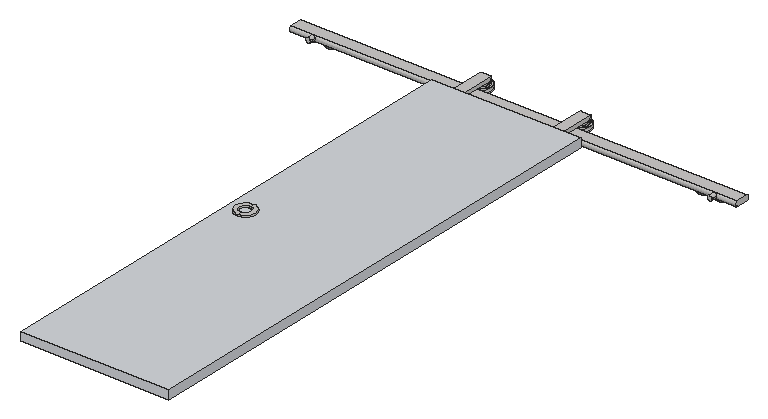
Revit family "Track-Sliding-Krown_Lab-Ragnar", category Doors, Revit 2012
Parameters (values of type "Stainless Steel, Brushed")
  z Type = 2
  z Trolley Material = Stainless Steel - Krown Lab - Brushed
  z Track Length [instance] = if(Track Length Desired > 156.000", 156.000", if(Track Length Desired > 144.000", 156.000", if(Track Length Desired > 132.000", 144.000", if(Track Length Desired > 120.000", 132.000", if(Track Length Desired > 108.000", 120.000", if(Track Length Desired > 96.000", 108.000", if(Track Length Desired > 84.000", 96.000", if(Track Length Desired > 72.000", 84.000", if(Track Length Desired > 60.000", 72.000", if(Track Length Desired > 48.000", 60.000", if(Track Length Desired < 48.000", 48.000", Track Length Desired)))))))))))  # 72.000"
  z Part Number [instance] = "Ragnar"  # constant formula
  z Part Description [instance] = if(z Type = 1, "Ragnar Black Stainless Steel Sliding Track For Custom Sized Panels", if(z Type = 2, "Ragnar Brushed Stainless Steel Sliding Track For Custom Sized Panels", "Not Available"))  # "Ragnar Brushed Stainless Steel Sliding Track For Custom Sized Panels"
  z Panel Offset [instance] = if(Trolley is Face Mount, if(Panel Depth Actual > 1.250", 2.250", 1.500"), if(Trolley is Top Mount, if((Panel Depth Actual / 2) + 0.500" > 1.500", (Panel Depth Actual / 2) + 0.250" + 2.250", (Panel Depth Actual / 2) + 0.250" + 1.500"), if(or(Trolley is Glass Mount, Trolley is Glass Mount on Glass Wall), if(Has Glass Panel Spacer, 1.000", 1.250"), Panel Depth Actual)))  # 2.4375"
  z Panel Location Desired [instance] = 108.000"
  z Panel Location [instance] = if(z Panel Location Desired + (Panel Width / 2) > z Track Length + 72.000", z Track Length - (Panel Width / 2) + 72.000", if(z Panel Location Desired - (Panel Width / 2) < 72.000", (Panel Width / 2) + 72.000", z Panel Location Desired))  # 108.000"
  z Has 1 Track Mount Spacer [instance] = 1 = 0  # no
  z Handle Material Rail = Stainless Steel - Krown Lab - Brushed
  z Handle Material = Stainless Steel - Krown Lab - Brushed
  z Error [instance] = if(not(if(Trolley is Top Mount, 1, 0) + if(Trolley is Glass Mount, 1, 0) + if(Trolley is Glass Mount on Glass Wall, 1, 0) + if(Trolley is Face Mount, 1, 0) = 1), 1 = 1, if(and(Has Glass Panel Spacer, not(or(Trolley is Glass Mount, Trolley is Glass Mount on Glass Wall))), 1 = 1, 1 = 0))  # no
  URL = "http://www.krownlab.com/"
  Type Comments = "To Modify the Panel, edit the nested Panel Family and reload into the Door"  # constant formula
  Trolley is Top Mount [instance] = yes
  Trolley is Glass Mount on Glass Wall [instance] = no
  Trolley is Glass Mount [instance] = no
  Trolley is Face Mount [instance] = no
  Track Length Desired [instance] = 72.000"
  Track Length [instance] = z Track Length  # 72.000"
  Product Page URL = "http://www.krownlab.com/ragnar"
  Product Material = Stainless Steel - Krown Lab - Brushed
  Product Documentation Link = "https://krownlab.com/products/hardware-systems/ragnar/#ragnar-top-mount#19"
  Part Number [instance] = if(z Error, Configuration, z Part Number)  # "Ragnar"
  Part Description [instance] = if(z Error, Configuration, z Part Description)  # "Ragnar Brushed Stainless Steel Sliding Track For Custom Sized Panels"
  Panel Width [instance] = 24.000"
  Panel Material [instance] = none
  Panel Height [instance] = 83.000"
  Panel Depth Desired [instance] = 1.375"
  Panel Depth Actual [instance] = if(not(z Error), if(Trolley is Top Mount, if(Panel Depth Desired > 4.500", 4.500", if(Panel Depth Desired < 1.375", 1.375", Panel Depth Desired)), if(Trolley is Face Mount, if(Panel Depth Desired > 2.000", 2.000", if(Panel Depth Desired < 0.750", 0.750", Panel Depth Desired)), if(or(Trolley is Glass Mount, Trolley is Glass Mount on Glass Wall), if(Panel Depth Desired > 0.750", 0.750", if(Panel Depth Desired < 0.375", 0.375", Panel Depth Desired)), 5.000"))), 3.000" / 4)  # 1.375"
  Original Creation Date = "9/2/15"  # constant formula
  Mounting Hardware [instance] = if(not(z Error), if(Trolley is Top Mount, "Top Mount", if(Trolley is Face Mount, "Face Mount", if(or(Trolley is Glass Mount, Trolley is Glass Mount on Glass Wall), "Glass Mount", "Not Available"))), "Not Available")  # "Top Mount"
  Model Disclaimer = "For More Information, Contact Krown Lab"  # constant formula
  Model = "See Part Number"  # constant formula
  Max Panel Weight [instance] = 400.00 lbf  # constant formula
  Manufacturer = "Krown Lab"  # constant formula
  Has Glass Panel Spacer [instance] = no
  Handle Material = Stainless Steel - Krown Lab - Brushed
  Handle [instance] = Handle : Ring Pull
  Family Version = "1.0"  # constant formula
  Equipment Number [instance] = ""
  Equipment Abbreviation = "DR"
  Description = "See Part Description"  # constant formula
  Date Last Modified = "9/2/15"  # constant formula
  Copyright = "Copyright © Krown Lab"  # constant formula
  Configuration [instance] = if(not(if(Trolley is Top Mount, 1, 0) + if(Trolley is Glass Mount, 1, 0) + if(Trolley is Glass Mount on Glass Wall, 1, 0) + if(Trolley is Face Mount, 1, 0) = 1), "Error: Select One Trolley Option", if(and(Has Glass Panel Spacer, not(or(Trolley is Glass Mount, Trolley is Glass Mount on Glass Wall))), "Error: The Glass Panel Spacer Is Only Available With The Glass Mount Trolley Configurations", "Available"))  # "Available"
Types (3): name | z Type | z Trolley Material | z Part Description | z Handle Material Rail | z Handle Material | Product Material | Part Description | Handle Material
  (no name) | 2 | Stainless Steel - Krown Lab - Brushed | "Ragnar Brushed Stainless Steel Sliding Track For Custom Sized Panels" | Stainless Steel - Krown Lab - Brushed | Stainless Steel - Krown Lab - Brushed | Stainless Steel - Krown Lab - Brushed | "Ragnar Brushed Stainless Steel Sliding Track For Custom Sized Panels" | Stainless Steel - Krown Lab - Brushed
  Stainless Steel, Brushed | 2 | Stainless Steel - Krown Lab - Brushed | "Ragnar Brushed Stainless Steel Sliding Track For Custom Sized Panels" | Stainless Steel - Krown Lab - Brushed | Stainless Steel - Krown Lab - Brushed | Stainless Steel - Krown Lab - Brushed | "Ragnar Brushed Stainless Steel Sliding Track For Custom Sized Panels" | Stainless Steel - Krown Lab - Brushed
  Stainless Steel, Black | 1 | Stainless Steel - Krown Lab - Black | "Ragnar Black Stainless Steel Sliding Track For Custom Sized Panels" | Stainless Steel - Krown Lab - Black | Stainless Steel - Krown Lab - Black | Stainless Steel - Krown Lab - Black | "Ragnar Black Stainless Steel Sliding Track For Custom Sized Panels" | Stainless Steel - Krown Lab - Black
Reference planes (in)
  plane 1 "Center (Front/Back)": y = 0
  plane 2: z = 0
  plane 3 "Center (Left/Right)": x = 0
  plane 4: x = -36
  plane 5: x = 36
  plane 6: x = 108
  plane 7: x = 0
  plane 8: y = -86.71875
  plane 9: y = -3.71875
  plane 10: y = -45.21875
  plane 11: y = -44.71875
  plane 12: x = -12
  plane 13: x = 12
  plane 14: x = -9.3
  plane 15: z = 1.0625
  plane 16: z = 2.4375
  plane 17: z = 1.75
Lines and regions (in)
  reference lines
    curve 1: line (0, 0, 0) -> (0, -86.71875, 0)
Text (in)
  text "To Modify the Panel, edit the nested Panel Family and reload into the Door" at (-131.64405, 24.70718, 0), in view "Ref. Level"
Dimensions and locks (in)
  equal spacing: plane 4, plane 3 "Center (Left/Right)", plane 5
  "z Track Length": plane 4 to plane 5
  locked: plane 5 to plane 6 at 72
  "z Panel Location Desired": curve 1 to plane 6
  "z Panel Location": plane 7 to plane 6
  "Panel Height": plane 9 to plane 8
  locked: plane 9 to plane 1 "Center (Front/Back)" at 3.71875
  locked: plane 11 to plane 8 at 42
  equal spacing: plane 12, plane 7, plane 13
  "Panel Width": plane 12 to plane 13
  locked: plane 12 to plane 14 at 2.7
  "Panel Depth Actual": plane 16 to plane 15
  "z Panel Offset": plane 16 to plane 2
  equal spacing: plane 9, plane 10, plane 8
  equal spacing: plane 16, plane 17, plane 15
  aligned and locked: plane 2 to level
  aligned: plane 4 to nested 1
  aligned: plane 5 to nested 1
  aligned and locked: plane 8 to curve 1
  aligned and locked: plane 4 to nested 1
  aligned and locked: plane 5 to nested 1
  aligned and locked: nested 2 to plane 10
  aligned and locked: plane 7 to nested 2
  aligned and locked: nested 3 to plane 11
  aligned and locked: plane 14 to nested 3
Automatic sketch dimensions
  plane 1 "Center (Front/Back)" to curve 1 = 0.000"
Nested families (in)
  nested 1: "Ragnar Track" at (-36, 0, 0), Panel Width <- "Panel Width", Panel Height <- "Panel Height", Panel Depth <- "Panel Depth Actual", Trolley is Top Mount <- "Trolley is Top Mount", Trolley is Glass Mount <- "Trolley is Glass Mount", Trolley is Face Mount <- "Trolley is Face Mount", z Panel Location Desired <- "z Panel Location Desired", z Trolly Material <- "z Trolley Material", Product Material <- "Product Material", Trolley is Glass Mount on Glass Wall <- "Trolley is Glass Mount on Glass Wall", z Glass Spacer Visible <- "Has Glass Panel Spacer", type "Standard"
    with z Trolly Material Stainless Steel - Krown Lab - Brushed, z Support 4 Visible no, z Support 4 Offset 0.000", z Support 3 Visible no, z Support 3 Offset 0.000", z Support 2 Visible yes, z Support 2 Offset 20.000", z Support 1 Offset 20.000", z Spacer Offset 0.250", z Side Mount Trolley no, z Side Mount Offset 0.500", z Panel Width 24.000", z Panel Offset From Mount 0.000", z Panel Location Desired 108.000", z Panel Location 108.000", z Panel Height 83.000", z Panel Depth 1.375", z Glass Spacer Visible no, z Glass Mount Trolley no, z Error no, Trolley is Top Mount yes, Trolley is Glass Mount on Glass Wall no, Trolley is Glass Mount no, Trolley is Face Mount no, Product Material Stainless Steel - Krown Lab - Brushed, Panel Width 24.000", Panel Height 83.000", Panel Depth 1.375", built-in parameter 1001306 6 (stored number, unit not read)
  nested 2: "Panel" at (0, -45.21875, 1.0625), Panel Width <- "Panel Width", Panel Thickness <- "Panel Depth Actual", Panel Height <- "Panel Height", Panel Material <- "Panel Material", type "Standard"
    with Panel Width 24.000", Panel Thickness 1.375", Panel Material none, Panel Height 83.000"
  nested 3: "Handle" at (-9.3, -44.71875, 1.75), Panel Thickness <- "Panel Depth Actual", Material <- "z Handle Material", type <- "Handle", Rail Material <- "z Handle Material Rail", type "Ring Pull", detail levels fine
    with Rail Material Stainless Steel - Krown Lab - Brushed, Panel Thickness 1.375", Material Stainless Steel - Krown Lab - Brushed, Handle Height 18.000"
Definition of nested family "Ragnar Track"
  Parameters (values of type "Standard")
    z Trolly Material [instance] = Stainless Steel - Krown Lab - Brushed
    z Support 4 Visible [instance] = [built-in parameter 1001306] > 120.000"  # no
    z Support 4 Offset [instance] = if([built-in parameter 1001306] = 48.000", 0.000", if([built-in parameter 1001306] = 60.000", 0.000", if([built-in parameter 1001306] = 72.000", 0.000", if([built-in parameter 1001306] = 84.000", 0.000", if([built-in parameter 1001306] = 96.000", 0.000", if([built-in parameter 1001306] = 108.000", 0.000", if([built-in parameter 1001306] = 120.000", 0.000", if([built-in parameter 1001306] = 132.000", 24.000", if([built-in parameter 1001306] = 144.000", 27.000", if([built-in parameter 1001306] = 156.000", 29.000", 0.000"))))))))))  # 0.000"
    z Support 3 Visible [instance] = [built-in parameter 1001306] > 96.000"  # no
    z Support 3 Offset [instance] = if([built-in parameter 1001306] = 48.000", 0.000", if([built-in parameter 1001306] = 60.000", 0.000", if([built-in parameter 1001306] = 72.000", 0.000", if([built-in parameter 1001306] = 84.000", 0.000", if([built-in parameter 1001306] = 96.000", 0.000", if([built-in parameter 1001306] = 108.000", 24.000", if([built-in parameter 1001306] = 120.000", 27.000", if([built-in parameter 1001306] = 132.000", 24.000", if([built-in parameter 1001306] = 144.000", 26.000", if([built-in parameter 1001306] = 156.000", 30.000", 0.000"))))))))))  # 0.000"
    z Support 2 Visible [instance] = [built-in parameter 1001306] > 60.000"  # yes
    z Support 2 Offset [instance] = if([built-in parameter 1001306] = 48.000", 0.000", if([built-in parameter 1001306] = 60.000", 0.000", if([built-in parameter 1001306] = 72.000", 20.000", if([built-in parameter 1001306] = 84.000", 24.000", if([built-in parameter 1001306] = 96.000", 28.000", if([built-in parameter 1001306] = 108.000", 24.000", if([built-in parameter 1001306] = 120.000", 27.000", if([built-in parameter 1001306] = 132.000", 24.000", if([built-in parameter 1001306] = 144.000", 27.000", if([built-in parameter 1001306] = 156.000", 29.000", 0.000"))))))))))  # 20.000"
    z Support 1 Offset [instance] = if([built-in parameter 1001306] = 48.000", 18.000", if([built-in parameter 1001306] = 60.000", 24.000", if([built-in parameter 1001306] = 72.000", 20.000", if([built-in parameter 1001306] = 84.000", 24.000", if([built-in parameter 1001306] = 96.000", 28.000", if([built-in parameter 1001306] = 108.000", 24.000", if([built-in parameter 1001306] = 120.000", 27.000", if([built-in parameter 1001306] = 132.000", 24.000", if([built-in parameter 1001306] = 144.000", 26.000", if([built-in parameter 1001306] = 156.000", 28.000", 0.000"))))))))))  # 20.000"
    z Spacer Offset [instance] = if(Trolley is Face Mount, if(z Panel Depth > 1.250", 1.000", 0.250"), if(Trolley is Top Mount, if((z Panel Depth / 2) + 0.500" > 1.500", 1.000", 0.250"), if(or(Trolley is Glass Mount, Trolley is Glass Mount on Glass Wall), 0.250", 5.000")))  # 0.250"
    z Side Mount Trolley [instance] = or(Trolley is Face Mount, Trolley is Glass Mount)  # no
    z Side Mount Offset [instance] = if(or(Trolley is Glass Mount, Trolley is Glass Mount on Glass Wall), 0.250", 0.500")  # 0.500"
    z Panel Width [instance] = if(Panel Width < 16.375", 16.375", Panel Width)  # 24.000"
    z Panel Offset From Mount [instance] = if(z Glass Spacer Visible, 0.250", 0.000")  # 0.000"
    z Panel Location Desired [instance] = 107.000"
    z Panel Location [instance] = if(z Panel Location Desired + (Panel Width / 2) > [built-in parameter 1001306] + 72.000", [built-in parameter 1001306] - (Panel Width / 2) + 72.000", if(z Panel Location Desired - (Panel Width / 2) < 72.000", (Panel Width / 2) + 72.000", z Panel Location Desired))  # 107.000"
    z Panel Height [instance] = if(Panel Height < 4.750", 4.750", Panel Height)  # 83.000"
    z Panel Depth [instance] = Panel Depth  # 1.375"
    z Glass Spacer Visible [instance] = no
    z Glass Mount Trolley [instance] = or(Trolley is Glass Mount, Trolley is Glass Mount on Glass Wall)  # no
    z Error [instance] = not(if(Trolley is Top Mount, 1, 0) + if(Trolley is Glass Mount, 1, 0) + if(Trolley is Face Mount, 1, 0) = 1)  # no
    URL = ""
    Type Comments = ""
    Trolley is Top Mount [instance] = yes
    Trolley is Glass Mount on Glass Wall [instance] = no
    Trolley is Glass Mount [instance] = no
    Trolley is Face Mount [instance] = no
    Product Material [instance] = Stainless Steel - Krown Lab - Brushed
    Panel Width [instance] = 24.000"
    Panel Height [instance] = 83.000"
    Panel Depth [instance] = 1.375"
    Model = ""
    Manufacturer = ""
    built-in parameter 1001306 [instance] = 72.000"
    Description = ""
    Assembly Code = ""
  Reference planes (in)
    plane 1 "Center (Front/Back)": y = 0
    plane 2: z = 0
    plane 3 "Left": x = 0
    plane 4 "Right": x = 72
    plane 5: z = 0.25
    plane 6: z = 0.65625
    plane 7: z = 1.0625
    plane 8: z = 2
    plane 9: x = 3
    plane 10: x = 67
    plane 11: y = -45.21875
    plane 12: y = -86.71875
    plane 13: y = -44.71875
    plane 14: y = 1.40625
    plane 15: y = -3.71875
    plane 16: y = -2.4375
    plane 17: y = -1.21875
    plane 18: x = 25
    plane 19: x = 37
    plane 20: x = 49
    plane 21: x = 28.14
    plane 22: x = 29.86
    plane 23: x = 29
    plane 24: x = 45.86
    plane 25: x = 45
    plane 26: x = 44.14
    plane 27: x = 144
    plane 28: x = -1
    plane 29: x = 73
    plane 30: y = 4.28125
    plane 31: y = -87.71875
    plane 32: z = -1
    plane 33: z = 3
    plane 34: y = 2.25
    plane 35: y = -9.208
    plane 36: y = 0.53075
    plane 37: y = 0.15575
    plane 38: y = -2.22898
    plane 39: y = -0.20852
    plane 40: z = 0.3125
    plane 41: z = 1
    plane 42: z = 0.875
    plane 43: z = 0.4375
    plane 44: y = -0.0625
    plane 45: z = 1.5
    plane 46: y = 0.73375
    plane 47: x = 6
    plane 48: x = 26
    plane 49: x = 46
    plane 50: x = 46
    plane 51: x = 66
    plane 52: x = 69
    plane 53: x = 46
    plane 54: z = 0.125
    plane 55: z = -0.0625
    plane 56: z = 1.5
    plane 57: y = -9.0205
    plane 58: y = -4.4585
    plane 59: x = 45.65625
    plane 60: x = 44.34375
    plane 61: x = 29.65625
    plane 62: x = 28.34375
    plane 63: y = -8.36425
    plane 64: z = 1.25
    plane 65: x = 3.625
    plane 66: x = 68.375
    plane 67: y = -3.15625
    plane 68: y = -3
    plane 69: z = 0.375
  Forms (in)
    Extrusion 1, solid, material "Stainless Steel - Krown Lab - Brushed" <- "Product Material", visible <- "z Side Mount Trolley", detail levels medium+fine
      sketch origin (0, 0, 0) x (1, 0, 0) y (0, 1, 0)
        loop
          arc (28.14, -8.958) -> (28.21322, -9.13478) -> (28.39, -9.208) r 0.25
          line (28.39, -9.208) -> (29.61, -9.208)
          arc (29.61, -9.208) -> (29.78678, -9.13478) -> (29.86, -8.958) r 0.25
          line (29.86, -8.958) -> (29.86, 2)
          arc (29.86, 2) -> (29.78678, 2.17678) -> (29.61, 2.25) r 0.25
          line (29.61, 2.25) -> (28.39, 2.25)
          arc (28.39, 2.25) -> (28.21322, 2.17678) -> (28.14, 2) r 0.25
          line (28.14, 2) -> (28.14, -8.958)
        loop
          arc (44.14, -8.958) -> (44.21322, -9.13478) -> (44.39, -9.208) r 0.25
          line (44.39, -9.208) -> (45.61, -9.208)
          arc (45.61, -9.208) -> (45.78678, -9.13478) -> (45.86, -8.958) r 0.25
          line (45.86, -8.958) -> (45.86, 2)
          arc (45.86, 2) -> (45.78678, 2.17678) -> (45.61, 2.25) r 0.25
          line (45.61, 2.25) -> (44.39, 2.25)
          arc (44.39, 2.25) -> (44.21322, 2.17678) -> (44.14, 2) r 0.25
          line (44.14, 2) -> (44.14, -8.958)
      from 1.5 to 2
    Extrusion 2, solid, material "Stainless Steel - Krown Lab - Brushed" <- "Product Material", visible <- "Trolley is Top Mount", detail levels medium+fine
      sketch origin (0, 0, 0) x (1, 0, 0) y (0, 1, 0)
        loop
          line (28.14, -3.71875) -> (29.86, -3.71875) -> (29.86, 2)
          arc (29.86, 2) -> (29.78678, 2.17678) -> (29.61, 2.25) r 0.25
          line (29.61, 2.25) -> (28.39, 2.25)
          arc (28.39, 2.25) -> (28.21322, 2.17678) -> (28.14, 2) r 0.25
          line (28.14, 2) -> (28.14, -3.71875)
        loop
          line (44.14, -3.71875) -> (45.86, -3.71875) -> (45.86, 2)
          arc (45.86, 2) -> (45.78678, 2.17678) -> (45.61, 2.25) r 0.25
          line (45.61, 2.25) -> (44.39, 2.25)
          arc (44.39, 2.25) -> (44.21322, 2.17678) -> (44.14, 2) r 0.25
          line (44.14, 2) -> (44.14, -3.71875)
      from 1.5 to 2
    Extrusion 3, solid, material "Error Box", visible <- "z Error"
      sketch origin (0, 0, 0) x (1, 0, 0) y (0, 1, 0)
        loop
          line (-1, 4.28125) -> (-1, -87.71875) -> (73, -87.71875) -> (73, 4.28125) -> (-1, 4.28125)
      from -1 to 3
    Extrusion 4, solid, material "Stainless Steel - Krown Lab - Brushed" <- "Product Material"
      sketch origin (0, 0, 0) x (0, 1, 0) y (0, 0, 1)
        loop
          arc (-2.22898, 1.0625) -> (-2.4375, 0.65625) -> (-2.22898, 0.25) r 0.5
          line (-2.22898, 0.25) -> (-0.20852, 0.25)
          arc (-0.20852, 0.25) -> (0, 0.65625) -> (-0.20852, 1.0625) r 0.5
          line (-0.20852, 1.0625) -> (-2.22898, 1.0625)
      from 0 to 72
    Revolve 5, solid, material "Stainless Steel - Krown Lab - Brushed" <- "Product Material", detail levels medium+fine
      sketch origin (45, -43.22747, 48) x (0, -1, 0) y (0, 0, 1)
        loop
          line (-44.63372, -46.5) -> (-44.63372, -47.6875) -> (-43.75822, -47.6875) -> (-43.75822, -47.5625) -> (-43.38322, -47.5625) -> (-43.38322, -47.6875) -> (-43.16497, -47.6875) -> (-43.16497, -47.58581)
          arc (-43.16497, -47.58581) -> (-43.22747, -47.34375) -> (-43.16497, -47.10169) r 0.5
          line (-43.16497, -47.10169) -> (-43.16497, -47) -> (-43.38322, -47) -> (-43.38322, -47.125) -> (-43.75822, -47.125) -> (-43.75822, -47) -> (-43.96122, -47) -> (-43.96122, -46.5) -> (-44.63372, -46.5)
        axis (-44.63372, -46.5) -> (-44.63372, -47.6875)
      angle from 0 to 360
    Revolve 6, solid, material "Stainless Steel - Krown Lab - Brushed" <- "Product Material", detail levels medium+fine
      sketch origin (29, -43.22747, 48) x (0, -1, 0) y (0, 0, 1)
        loop
          line (-44.63372, -46.5) -> (-44.63372, -47.6875) -> (-43.75822, -47.6875) -> (-43.75822, -47.5625) -> (-43.38322, -47.5625) -> (-43.38322, -47.6875) -> (-43.16497, -47.6875) -> (-43.16497, -47.58581)
          arc (-43.16497, -47.58581) -> (-43.22747, -47.34375) -> (-43.16497, -47.10169) r 0.5
          line (-43.16497, -47.10169) -> (-43.16497, -47) -> (-43.38322, -47) -> (-43.38322, -47.125) -> (-43.75822, -47.125) -> (-43.75822, -47) -> (-43.96122, -47) -> (-43.96122, -46.5) -> (-44.63372, -46.5)
        axis (-44.63372, -46.5) -> (-44.63372, -47.6875)
      angle from 0 to 360
    Extrusion 7, solid, material "Stainless Steel - Krown Lab - Black", detail levels medium+fine
      sketch origin (0, 0, 0) x (1, 0, 0) y (0, 1, 0)
        loop
          circle (3, -1.21875) r 1
        loop
          circle (6, -1.21875) r 1
        loop
          circle (66, -1.21875) r 1
        loop
          circle (69, -1.21875) r 1
      from 0 to 0.25
    Extrusion 8, solid, material "Stainless Steel - Krown Lab - Black", detail levels medium+fine
      sketch origin (0, 0, 0) x (1, 0, 0) y (0, 1, 0)
        loop
          circle (26, -1.21875) r 1
      from 0 to 0.25
    Extrusion 9, solid, material "Stainless Steel - Krown Lab - Black", visible <- "z Support 2 Visible", detail levels medium+fine
      sketch origin (0, 0, 0) x (1, 0, 0) y (0, 1, 0)
        loop
          circle (46, -1.21875) r 1
      from 0 to 0.25
    Extrusion 10, solid, material "Stainless Steel - Krown Lab - Black", visible <- "z Support 3 Visible", detail levels medium+fine
      sketch origin (0, 0, 0) x (1, 0, 0) y (0, 1, 0)
        loop
          circle (46, -1.21875) r 1
      from 0 to 0.25
    Extrusion 11, solid, material "Stainless Steel - Krown Lab - Black", visible <- "z Support 4 Visible", detail levels medium+fine
      sketch origin (0, 0, 0) x (1, 0, 0) y (0, 1, 0)
        loop
          circle (46, -1.21875) r 1
      from 0 to 0.25
    Extrusion 12, solid, material "Stainless Steel - Krown Lab - Brushed" <- "Product Material", visible <- "z Glass Mount Trolley", detail levels medium+fine
      sketch origin (0, 0, 0) x (1, 0, 0) y (0, 1, 0)
        loop
          arc (44.59375, -4.4585) -> (44.41697, -4.53172) -> (44.34375, -4.7085) r 0.25
          line (44.34375, -4.7085) -> (44.34375, -8.36425)
          arc (44.34375, -8.36425) -> (45, -9.0205) -> (45.65625, -8.36425) r 0.65625
          line (45.65625, -8.36425) -> (45.65625, -4.7085)
          arc (45.65625, -4.7085) -> (45.58303, -4.53172) -> (45.40625, -4.4585) r 0.25
          line (45.40625, -4.4585) -> (44.59375, -4.4585)
        loop
          arc (28.59375, -4.4585) -> (28.41697, -4.53172) -> (28.34375, -4.7085) r 0.25
          line (28.34375, -4.7085) -> (28.34375, -8.36425)
          arc (28.34375, -8.36425) -> (29, -9.0205) -> (29.65625, -8.36425) r 0.65625
          line (29.65625, -8.36425) -> (29.65625, -4.7085)
          arc (29.65625, -4.7085) -> (29.58303, -4.53172) -> (29.40625, -4.4585) r 0.25
          line (29.40625, -4.4585) -> (28.59375, -4.4585)
      from -0.0625 to 0.125
    Extrusion 13, solid, material "Stainless Steel - Krown Lab - Brushed" <- "Product Material", visible <- "z Glass Spacer Visible", detail levels medium+fine
      sketch origin (0, 0, 0) x (1, 0, 0) y (0, 1, 0)
        loop
          arc (44.59375, -4.4585) -> (44.41697, -4.53172) -> (44.34375, -4.7085) r 0.25
          line (44.34375, -4.7085) -> (44.34375, -8.36425)
          arc (44.34375, -8.36425) -> (45, -9.0205) -> (45.65625, -8.36425) r 0.65625
          line (45.65625, -8.36425) -> (45.65625, -4.7085)
          arc (45.65625, -4.7085) -> (45.58303, -4.53172) -> (45.40625, -4.4585) r 0.25
          line (45.40625, -4.4585) -> (44.59375, -4.4585)
        loop
          arc (28.59375, -4.4585) -> (28.41697, -4.53172) -> (28.34375, -4.7085) r 0.25
          line (28.34375, -4.7085) -> (28.34375, -8.36425)
          arc (28.34375, -8.36425) -> (29, -9.0205) -> (29.65625, -8.36425) r 0.65625
          line (29.65625, -8.36425) -> (29.65625, -4.7085)
          arc (29.65625, -4.7085) -> (29.58303, -4.53172) -> (29.40625, -4.4585) r 0.25
          line (29.40625, -4.4585) -> (28.59375, -4.4585)
      from 1.25 to 1.5
    Extrusion 14, solid, material "Stainless Steel - Krown Lab - Brushed" <- "Product Material"
      sketch origin (0, 0, 0) x (1, 0, 0) y (0, 0, 1)
        loop
          circle (68.375, 0.65625) r 0.375
        loop
          circle (3.625, 0.65625) r 0.375
      from 1.21875 to 3.15625
    Extrusion 15, solid, material "Stainless Steel - Krown Lab - Black", detail levels medium+fine
      sketch origin (0, 0, 0) x (1, 0, 0) y (0, 1, 0)
        loop
          circle (29, -3) r 0.4375
        loop
          circle (45, -3) r 0.4375
      from 0.375 to 1.5
  Cuts and joins
    joined: Extrusion 4, Extrusion 14
  Lines and regions (in)
    Masking region 1
      outline origin (0, 0, 0) x (1, 0, 0) y (0, 0, 1)
        loop
          line (0, 1.0625) -> (0, 0.25) -> (72, 0.25) -> (72, 1.0625) -> (0, 1.0625)
    reference lines
      curve 1: line (0, 0, 0) -> (72, 0, 0)
  Text (in)
    text "To Modify the Panel, edit the nested Panel Family and reload into the Door" at (-101.19156, 12.03068, 0), in view "Ref. Level"
  Dimensions and locks (in)
    "built-in parameter 1001306": plane 3 "Left" to plane 4 "Right"
    equal spacing: plane 15, plane 11, plane 12
    locked: plane 13 to plane 12 at 42
    "z Panel Height": plane 15 to plane 12
    equal spacing: plane 18, plane 19, plane 20
    "z Panel Width": plane 18 to plane 20
    plane 18 to plane 21 to plane 62 to plane 23 to plane 61 to plane 22 = 3.140" locked, 0.20375" locked, 0.65625" locked, 0.65625" locked, 0.20375" locked
    plane 26 to plane 60 to plane 25 to plane 59 to plane 24 to plane 20 = 0.20375" locked, 0.65625" locked, 0.65625" locked, 0.20375" locked, 3.140" locked
    "z Panel Location": plane 19 to plane 27
    locked: plane 4 "Right" to plane 27 at 72
    locked: plane 28 to plane 3 "Left" at 1
    locked: plane 4 "Right" to plane 29 at 1
    locked: plane 30 to plane 14 at 2.875
    locked: plane 12 to plane 31 at 1
    locked: plane 2 to plane 32 at 1
    locked: plane 3 "Left" to plane 9 at 3
    plane 7 to plane 6 to plane 5 = 0.40625" locked, 0.40625" locked
    equal spacing: plane 1 "Center (Front/Back)", plane 17, plane 16
    plane 1 "Center (Front/Back)" to plane 16 = 2.4375"
    locked: plane 39 to plane 1 "Center (Front/Back)" at 0.20852
    locked: plane 38 to plane 16 at 0.20852
    locked: plane 1 "Center (Front/Back)" to Extrusion 4 sketch curve at 0
    locked: plane 16 to Extrusion 4 sketch curve at 0
    plane 14 to plane 46 to plane 36 to plane 37 to plane 44 = 0.6725" locked, 0.203" locked, 0.375" locked, 0.21825" locked
    locked: plane 14 to plane 17 at 2.625
    plane 41 to plane 6 to plane 40 = 0.34375" locked, 0.34375" locked
    locked: plane 1 "Center (Front/Back)" to Revolve 5 sketch curve at 0
    locked: plane 1 "Center (Front/Back)" to Revolve 6 sketch curve at 0
    locked: plane 8 to plane 45 at 0.5
    locked: plane 41 to plane 42 at 0.125
    locked: plane 43 to plane 40 at 0.125
    locked: plane 34 to plane 1 "Center (Front/Back)" at 2.25
    locked: plane 34 to plane 35 at 11.458
    locked: plane 17 to plane 15 at 2.5
    "z Spacer Offset": plane 5 to plane 2
    locked: plane 9 to plane 47 at 3
    locked: plane 51 to plane 52 at 3
    locked: plane 52 to plane 4 "Right" at 3
    "z Support 1 Offset": plane 47 to plane 48
    "z Support 2 Offset": plane 48 to plane 49
    "z Support 3 Offset": plane 49 to plane 50
    "z Support 4 Offset": plane 50 to plane 53
    locked: plane 33 to plane 8 at 1
    "z Side Mount Offset": plane 45 to plane 41
    "z Panel Offset From Mount": plane 45 to plane 56
    "z Panel Depth": plane 56 to plane 54
    locked: plane 54 to plane 55 at 0.1875
    locked: plane 57 to plane 35 at 0.1875
    locked: plane 58 to plane 57 at 4.562
    locked: plane 63 to plane 57 at 0.65625
    locked: plane 45 to plane 64 at 0.25
    locked: plane 3 "Left" to plane 65 at 3.625
    locked: plane 66 to plane 4 "Right" at 3.625
    locked: plane 17 to plane 67 at 1.9375
    locked: plane 34 to plane 68 at 5.25
    locked: plane 45 to plane 69 at 1.125
    aligned and locked: plane 4 "Right" to curve 1
    aligned and locked: plane 3 "Left" to curve 1
    aligned and locked: level to plane 2
    aligned and locked: Extrusion 1 sketch curve to plane 26
    aligned and locked: plane 24 to Extrusion 1 sketch curve
    aligned and locked: plane 22 to Extrusion 1 sketch curve
    aligned and locked: Extrusion 1 sketch curve to plane 21
    aligned and locked: plane 8 to Extrusion 1
    aligned and locked: Extrusion 2 sketch curve to plane 21
    aligned and locked: plane 15 to Extrusion 2 sketch curve  (x2)
    aligned and locked: plane 22 to Extrusion 2 sketch curve
    aligned and locked: Extrusion 2 sketch curve to plane 26
    aligned and locked: plane 24 to Extrusion 2 sketch curve
    aligned and locked: plane 8 to Extrusion 2
    aligned and locked: plane 5 to Masking region 1 sketch curve
    aligned and locked: Masking region 1 sketch curve to plane 4 "Right"
    aligned and locked: Masking region 1 sketch curve to plane 7
    aligned and locked: plane 3 "Left" to Masking region 1 sketch curve
    aligned and locked: plane 29 to Extrusion 3 sketch curve
    aligned and locked: Extrusion 3 sketch curve to plane 28
    aligned and locked: plane 31 to Extrusion 3 sketch curve
    aligned and locked: Extrusion 3 sketch curve to plane 30
    aligned and locked: Extrusion 3 to plane 32
    aligned and locked: plane 33 to Extrusion 3
    aligned and locked: plane 34 to Extrusion 2 sketch curve
    aligned and locked: Extrusion 2 sketch curve to plane 34
    aligned and locked: Extrusion 1 sketch curve to plane 34  (x2)
    aligned and locked: Extrusion 1 sketch curve to plane 35  (x2)
    aligned and locked: Extrusion 4 sketch curve to plane 7
    aligned and locked: plane 5 to Extrusion 4 sketch curve
    aligned and locked: Extrusion 4 to plane 3 "Left"
    aligned and locked: plane 4 "Right" to Extrusion 4
    aligned and locked: Revolve 5 sketch curve to plane 14  (x2)
    aligned and locked: plane 41 to Revolve 5 sketch curve  (x2)
    aligned and locked: plane 36 to Revolve 5 sketch curve
    aligned and locked: Revolve 5 sketch curve to plane 42
    aligned and locked: Revolve 5 sketch curve to plane 37
    aligned and locked: Revolve 5 sketch curve to plane 44
    aligned and locked: plane 44 to Revolve 5 sketch curve
    aligned and locked: Revolve 5 sketch curve to plane 40  (x2)
    aligned and locked: plane 37 to Revolve 5 sketch curve
    aligned and locked: Revolve 5 sketch curve to plane 43
    aligned and locked: Revolve 5 sketch curve to plane 36
    aligned and locked: Revolve 6 sketch curve to plane 14  (x2)
    aligned and locked: plane 41 to Revolve 6 sketch curve  (x2)
    aligned and locked: plane 36 to Revolve 6 sketch curve
    aligned and locked: Revolve 6 sketch curve to plane 42
    aligned and locked: Revolve 6 sketch curve to plane 37
    aligned and locked: Revolve 6 sketch curve to plane 44
    aligned and locked: plane 44 to Revolve 6 sketch curve
    aligned and locked: Revolve 6 sketch curve to plane 40  (x2)
    aligned and locked: plane 37 to Revolve 6 sketch curve
    aligned and locked: Revolve 6 sketch curve to plane 43
    aligned and locked: Revolve 6 sketch curve to plane 36
    aligned and locked: Extrusion 1 to plane 45
    aligned and locked: Extrusion 2 to plane 45
    aligned and locked: Revolve 5 sketch curve to plane 45
    aligned and locked: plane 46 to Revolve 5 sketch curve
    aligned and locked: plane 46 to Revolve 6 sketch curve
    aligned and locked: Revolve 6 sketch curve to plane 45
    aligned and locked: plane 52 to Extrusion 7 sketch curve
    aligned and locked: plane 17 to Extrusion 7 sketch curve  (x4)
    aligned and locked: plane 51 to Extrusion 7 sketch curve
    aligned and locked: plane 47 to Extrusion 7 sketch curve
    aligned and locked: plane 9 to Extrusion 7 sketch curve
    aligned and locked: plane 5 to Extrusion 7
    aligned and locked: Extrusion 7 to plane 2
    aligned and locked: plane 17 to Extrusion 8 sketch curve
    aligned and locked: plane 48 to Extrusion 8 sketch curve
    aligned and locked: plane 17 to Extrusion 9 sketch curve
    aligned and locked: plane 49 to Extrusion 9 sketch curve
    aligned and locked: plane 17 to Extrusion 10 sketch curve
    aligned and locked: plane 50 to Extrusion 10 sketch curve
    aligned and locked: plane 17 to Extrusion 11 sketch curve
    aligned and locked: plane 53 to Extrusion 11 sketch curve
    aligned and locked: plane 5 to Extrusion 8
    aligned and locked: plane 5 to Extrusion 11
    aligned and locked: plane 5 to Extrusion 10
    aligned and locked: plane 5 to Extrusion 9
    aligned and locked: Extrusion 8 to plane 2
    aligned and locked: Extrusion 11 to plane 2
    aligned and locked: Extrusion 10 to plane 2
    aligned and locked: Extrusion 9 to plane 2
    aligned and locked: plane 59 to Extrusion 12 sketch curve
    aligned and locked: Extrusion 12 sketch curve to plane 58  (x2)
    aligned and locked: Extrusion 12 sketch curve to plane 60
    aligned and locked: plane 25 to Extrusion 12 sketch curve
    aligned and locked: plane 63 to Extrusion 12 sketch curve  (x2)
    aligned and locked: plane 61 to Extrusion 12 sketch curve
    aligned and locked: Extrusion 12 sketch curve to plane 62
    aligned and locked: plane 23 to Extrusion 12 sketch curve
    aligned and locked: Extrusion 12 to plane 55
    aligned and locked: plane 54 to Extrusion 12
    aligned and locked: plane 61 to Extrusion 13 sketch curve
    aligned and locked: Extrusion 13 sketch curve to plane 58  (x2)
    aligned and locked: Extrusion 13 sketch curve to plane 62
    aligned and locked: plane 63 to Extrusion 13 sketch curve  (x2)
    aligned and locked: plane 23 to Extrusion 13 sketch curve
    aligned and locked: plane 25 to Extrusion 13 sketch curve
    aligned and locked: plane 59 to Extrusion 13 sketch curve
    aligned and locked: Extrusion 13 sketch curve to plane 60
    aligned and locked: Extrusion 13 to plane 64
    aligned and locked: plane 45 to Extrusion 13
    aligned and locked: plane 66 to Extrusion 14 sketch curve
    aligned and locked: plane 6 to Extrusion 14 sketch curve  (x2)
    aligned and locked: plane 65 to Extrusion 14 sketch curve
    aligned and locked: plane 17 to Extrusion 14
    aligned and locked: Extrusion 14 to plane 67
    aligned and locked: plane 68 to Extrusion 15 sketch curve  (x2)
    aligned and locked: plane 23 to Extrusion 15 sketch curve
    aligned and locked: plane 25 to Extrusion 15 sketch curve
    aligned and locked: Extrusion 15 to plane 69
    aligned and locked: plane 45 to Extrusion 15
  Automatic sketch dimensions
    plane 1 "Center (Front/Back)" to curve 1 = 0.000"
    Extrusion 4 sketch curve to plane 38 = 0.000"  (x2)
    Extrusion 4 sketch curve to plane 6 = 0.000"
    Extrusion 4 sketch curve to plane 39 = 0.000"
    Extrusion 1 sketch curve to plane 21 = 0.250"  (x2)
    Extrusion 1 sketch curve to plane 23 = 0.610"
    plane 22 to Extrusion 1 sketch curve = 0.250"
    Extrusion 1 sketch curve to plane 26 = 0.250"  (x2)
    plane 24 to Extrusion 1 sketch curve = 0.250"  (x2)
    Extrusion 2 sketch curve to plane 21 = 0.250"
    Extrusion 2 sketch curve to Extrusion 2 sketch curve = 0.250"
    Extrusion 2 sketch curve to plane 26 = 0.250"
    plane 24 to Extrusion 2 sketch curve = 0.250"
    Revolve 5 sketch curve to plane 6 = 0.000"
    Revolve 5 sketch curve to plane 39 = 0.29148"
    plane 33 to Revolve 5 sketch curve = 0.08161"
    Revolve 5 sketch curve to Revolve 5 sketch curve = 0.32365"
    Revolve 6 sketch curve to plane 6 = 0.000"
    Revolve 6 sketch curve to plane 39 = 0.29148"
    plane 33 to Revolve 6 sketch curve = 0.08161"
    Revolve 6 sketch curve to Revolve 6 sketch curve = 0.32365"
    Extrusion 12 sketch curve to Extrusion 12 sketch curve = 0.250"  (x2)
    plane 61 to Extrusion 12 sketch curve = 0.250"
    Extrusion 12 sketch curve to plane 58 = 0.250"
    Extrusion 13 sketch curve to plane 58 = 0.250"  (x3)
    plane 61 to Extrusion 13 sketch curve = 0.250"
    radius of Extrusion 7 sketch curve = 1.000"  (x4)
    radius of Extrusion 8 sketch curve = 1.000"
    radius of Extrusion 9 sketch curve = 1.000"
    radius of Extrusion 10 sketch curve = 1.000"
    radius of Extrusion 11 sketch curve = 1.000"
    radius of Extrusion 14 sketch curve = 0.375"  (x2)
    radius of Extrusion 15 sketch curve = 0.4375"  (x2)
Definition of nested family "Panel"
  Parameters (values of type "Standard")
    Panel Width [instance] = 58.000"
    Panel Thickness [instance] = 3.000"
    Panel Material [instance] = none
    Panel Height [instance] = 102.000"
    Assembly Code = ""
  Reference planes (in)
    plane 1 "Center (Front/Back)": y = 0
    plane 2: z = 0
    plane 3 "Center (Left/Right)": x = 0
    plane 4: y = -51
    plane 5: y = 51
    plane 6: x = -29
    plane 7: x = 29
    plane 8: z = 3
  Forms (in)
    Extrusion 1, solid, material <- "Panel Material"
      sketch origin (0, 0, 0) x (1, 0, 0) y (0, 1, 0)
        loop
          line (-29, 51) -> (-29, -51) -> (29, -51) -> (29, 51) -> (-29, 51)
      from 0 to 3
  Lines and regions (in)
    Masking region 1
      outline origin (0, 0, 0) x (1, 0, 0) y (0, 0, 1)
        loop
          line (-29, 3) -> (-29, 0) -> (29, 0) -> (29, 3) -> (-29, 3)
  Text (in)
    text "This Family is intended to be editable,\n\nbut dont modify the presently applied parameters\n\n(Panel Width, Panel Height, Panel Thickness)\n\nor the constraints." at (-58.6655, -74.93645, 0), in view "Ref. Level"
  Dimensions and locks (in)
    equal spacing: plane 6, plane 3 "Center (Left/Right)", plane 7
    equal spacing: plane 5, plane 1 "Center (Front/Back)", plane 4
    "Panel Height": plane 5 to plane 4
    "Panel Width": plane 6 to plane 7
    "Panel Thickness": plane 8 to plane 2
    aligned and locked: plane 2 to level
    aligned and locked: Extrusion 1 sketch curve to plane 5
    aligned and locked: Extrusion 1 sketch curve to plane 6
    aligned and locked: plane 4 to Extrusion 1 sketch curve
    aligned and locked: plane 7 to Extrusion 1 sketch curve
    aligned and locked: Extrusion 1 to plane 2
    aligned and locked: plane 8 to Extrusion 1
    aligned and locked: Masking region 1 sketch curve to plane 6
    aligned and locked: Masking region 1 sketch curve to plane 8
    aligned and locked: plane 2 to Masking region 1 sketch curve
    aligned and locked: plane 7 to Masking region 1 sketch curve
Definition of nested family "Handle"
  Parameters (values of type "None")
    Rings Visible = no
    Rail Material [instance] = none
    Panel Thickness [instance] = 4.000"
    Material [instance] = none
    Handle Height [instance] = 18.000"
    Front Rail Visible = no
    Back Rail Visible = no
    Assembly Code = ""
  Types (4): name | Rings Visible | Front Rail Visible | Back Rail Visible
    None | no | no | no
    Ring Pull | yes | no | no
    18" Rail Pull | no | yes | no
    18" Rail Pull, Double Sided | no | yes | yes
  Reference planes (in)
    plane 1 "Center (Front/Back)": y = 0
    plane 2: z = 0
    plane 3 "Center (Left/Right)": x = 0
    plane 4: y = -9
    plane 5: y = 9
    plane 6: x = -0.375
    plane 7: x = 0.375
    plane 8: z = 2
    plane 9: z = -2
    plane 10: z = 4
    plane 11: z = -4
    plane 12: y = 0.9375
    plane 13: y = 1.625
    plane 14: z = 2.1875
    plane 15: z = -2.1875
  Forms (in)
    Extrusion 1, solid, material <- "Rail Material", visible <- "Front Rail Visible"
      sketch origin (0, 0, 0) x (1, 0, 0) y (0, 1, 0)
        loop
          line (-0.375, 9) -> (-0.375, -9) -> (0.375, -9) -> (0.375, 9) -> (-0.375, 9)
      from 2 to 4
    Extrusion 2, solid, material <- "Rail Material", visible <- "Back Rail Visible"
      sketch origin (0, 0, 0) x (1, 0, 0) y (0, 1, 0)
        loop
          line (-0.375, 9) -> (-0.375, -9) -> (0.375, -9) -> (0.375, 9) -> (-0.375, 9)
      from -4 to -2
    Revolve 3, solid, material <- "Material", visible <- "Rings Visible"
      sketch origin (0, 0, 0) x (0, 1, 0) y (0, 0, 1)
        loop
          line (0.9375, 2.1875) -> (0.9375, 2) -> (1.625, 2) -> (1.625, 2.1875) -> (0.9375, 2.1875)
        loop
          line (0.9375, -2) -> (0.9375, -2.1875) -> (1.625, -2.1875) -> (1.625, -2) -> (0.9375, -2)
        axis (0, -2.1875) -> (0, 2.1875)
      angle from 0 to 360
  Dimensions and locks (in)
    equal spacing: plane 4, plane 1 "Center (Front/Back)", plane 5
    "Handle Height": plane 5 to plane 4
    plane 6 to plane 3 "Center (Left/Right)" to plane 7 = 0.375" locked, 0.375" locked
    equal spacing: plane 8, plane 2, plane 9
    "Panel Thickness": plane 8 to plane 9
    plane 10 to plane 14 to plane 8 = 1.8125" locked, 0.1875" locked
    plane 9 to plane 15 to plane 11 = 0.1875" locked, 1.8125" locked
    aligned and locked: plane 2 to level
    aligned and locked: Extrusion 1 sketch curve to plane 5
    aligned and locked: Extrusion 1 sketch curve to plane 6
    aligned and locked: plane 4 to Extrusion 1 sketch curve
    aligned and locked: plane 7 to Extrusion 1 sketch curve
    aligned and locked: Extrusion 1 to plane 8
    aligned and locked: plane 10 to Extrusion 1
    aligned and locked: plane 4 to Extrusion 2 sketch curve
    aligned and locked: Extrusion 2 sketch curve to plane 5
    aligned and locked: plane 7 to Extrusion 2 sketch curve
    aligned and locked: Extrusion 2 sketch curve to plane 6
    aligned and locked: Extrusion 2 to plane 11
    aligned and locked: plane 9 to Extrusion 2
    aligned and locked: plane 15 to Revolve 3 sketch curve
    aligned and locked: Revolve 3 sketch curve to plane 13  (x2)
    aligned and locked: Revolve 3 sketch curve to plane 14
    aligned and locked: Revolve 3 sketch curve to plane 9
    aligned and locked: plane 8 to Revolve 3 sketch curve
    aligned and locked: plane 12 to Revolve 3 sketch curve  (x2)
    aligned and locked: Revolve 3 sketch curve to plane 1 "Center (Front/Back)"
  Automatic sketch dimensions
    Revolve 3 sketch curve to plane 11 = 20.000"
    plane 10 to Revolve 3 sketch curve = 88.27586"
